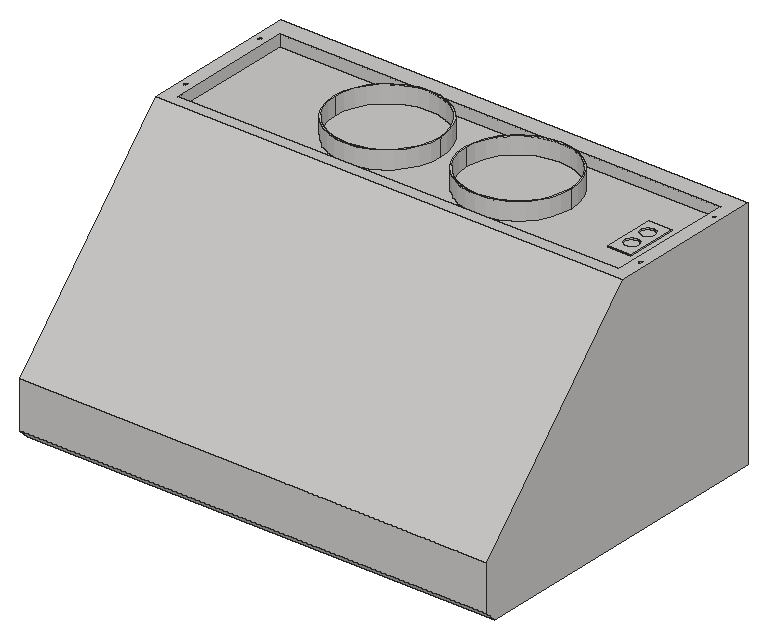
Revit family "FP_Revit_18_HCB36-12_N_Rangehood_90001235A", category Specialty Equipment, Revit 2018
Family settings
  Round Connector Dimension = Use Diameter
  Part Type = Normal
  OmniClass Number = 23.40.40.00
  OmniClass Title = Food Service Equipment and Furnishings
  Work Plane-Based = No
  Always vertical = Yes
  Cut with Voids When Loaded = Yes
  Shared = No
  Room Calculation Point = No
Parameters
  Visibility - Duct Transition [instance] = no
  Visibility - Duct Cover [instance] = no
  URL = "www.fisherpaykel.com"
  Product - Width = 911 mm  # constant formula
  Product - Height = 457 mm  # constant formula
  Product - Depth = 636 mm  # constant formula
  Model = "HCB36-12_N"
  Material - Glass = Fisher & Paykel - White Bezel
  Material - Buttons and Dials = Fisher & Paykel - Steel, Chrome Plated
  Material - Body = Fisher & Paykel - Stainless Steel
  Manufacturer = "Fisher & Paykel Appliances"
  FFL Offset [instance] = 1677 mm
  Duct Cover - Height 6"(152mm) or 12"(305mm) [instance] = 305 mm
  Description = "36\" Professional Rangehood"
  Connector Description - Extraction 2 = "10\" (254mm) Outside diameter of ducting outlet, 1200 CFM"
  Connector Description - Extraction 1 = "8\" (208mm) Outside diameter of ducting outlet, 1200 CFM"
  Connector Description - Electrical = "120 V, 60 Hz, 20 A, Branch circuit"
Reference planes
  plane 1 "Center (Front/Back)": y = 0
  plane 2: z = 0
  plane 3 "Center (Left/Right)": x = 0
  plane 4 "Product LHS": x = -455.5
  plane 5 "Product RHS": x = 455.5
  plane 6 "Product Front": y = -318
  plane 7 "Product Rear": y = 318
  plane 8 "FFL Offset": z = 1677
  plane 9 "Product - Height": z = 2134
  plane 10 "Mounting": x = -443
  plane 11 "Duct Cover": z = 2439
Forms (mm)
  Extrusion 1, solid, material "Fisher & Paykel - Stainless Steel" <- "Material - Body"
    sketch origin (0, 0, 0) x (0, 1, 0) y (0, 0, 1)
      loop
        line (318, 2134) -> (13.065, 2134)
        arc (13.065, 2134) -> (-159.503, 1966.595) -> (-318, 1785.811) r 2977.165
        line (-318, 1785.811) -> (-318, 1696.18) -> (-297.82, 1677) -> (318, 1677) -> (318, 2134)
    from -455.5 to 455.5
  Extrusion 2, solid, material "Fisher & Paykel - Stainless Steel" <- "Material - Body"
    sketch origin (0, 0, 0) x (1, 0, 0) y (0, 1, 0)
      loop
        circle (-127.5, 168) r 104
      loop
        circle (-127.5, 168) r 102
      loop
        circle (127.5, 168) r 104
      loop
        circle (127.5, 168) r 102
    from 2112 to 2146
  Extrusion 3, void
    sketch origin (0, 0, 82.261) x (1, 0, 0) y (0, 1, 0)
      loop
        circle (-443, 252) r 3
      loop
        circle (-443, 72) r 3
      loop
        circle (443, 252) r 3
      loop
        circle (443, 72) r 3
    from 2041.739 to 2051.739
  Extrusion 4, void
    sketch origin (0, 0, 0) x (1, 0, 0) y (0, 0, 1)
      loop
        line (227.78, 2027.773) -> (227.78, 2037.9)
        arc (227.78, 2037.9) -> (224.28, 2041.4) -> (220.78, 2037.9) r 3.5
        line (220.78, 2037.9) -> (220.78, 2027.773)
        arc (220.78, 2027.773) -> (224.28, 2016.89) -> (227.78, 2027.773) r 6.004
      loop
        circle (250, 1753) r 9
      loop
        arc (-227.78, 2027.773) -> (-224.28, 2016.89) -> (-220.78, 2027.773) r 6.004
        line (-220.78, 2027.773) -> (-220.78, 2037.9)
        arc (-220.78, 2037.9) -> (-224.28, 2041.4) -> (-227.78, 2037.9) r 3.5
        line (-227.78, 2037.9) -> (-227.78, 2027.773)
      loop
        circle (-250, 1753) r 9
    from -318 to -293
  Extrusion 5, void
    sketch origin (0, 0, 0) x (0, 1, 0) y (0, 0, 1)
      loop
        line (-278.628, 1677) -> (242.7, 1677) -> (224.841, 1726.067) -> (241.039, 1726.067) -> (249.59, 1749.559) -> (224.137, 1758.823) -> (224.137, 1859.689) -> (-52.991, 1859.689) -> (-61.542, 1836.197) -> (-38.362, 1827.76) -> (-149.156, 1728) -> (-278.628, 1677)
    from -416.5 to 416.5
  Extrusion 6, solid, material "Fisher & Paykel - Stainless Steel" <- "Material - Body"
    sketch origin (0, 0, 0) x (1, 0, 0) y (0, 0, 1)
      loop
        line (-416.5, 1677) -> (-380, 1728) -> (-380, 1827.76) -> (-416.5, 1827.76) -> (-416.5, 1677)
      loop
        line (416.5, 1677) -> (416.5, 1827.76) -> (380, 1827.76) -> (380, 1728) -> (416.5, 1677)
    from -242.7 to 278.628
  Extrusion 7, void
    sketch origin (0, 0, 0) x (1, 0, 0) y (0, 0, 1)
      loop
        line (429.8, 2070.8) -> (-429.8, 2070.8) -> (-429.8, 1768.5) -> (429.8, 1768.5) -> (429.8, 2070.8)
    from -318 to -298
  Extrusion 8, void
    sketch origin (0, 0, 0) x (1, 0, 0) y (0, 1, 0)
      loop
        line (-429.7, 283.5) -> (-429.7, 35.2) -> (429.7, 35.2) -> (429.7, 283.5) -> (-429.7, 283.5)
    from 2112 to 2134
  Extrusion 9, solid, material "Fisher & Paykel - Stainless Steel" <- "Material - Body"
    sketch origin (0, 0, 0) x (1, 0, 0) y (0, 1, 0)
      loop
        line (349.4, 209.7) -> (349.4, 109.7) -> (393.4, 109.7) -> (393.4, 209.7) -> (349.4, 209.7)
      loop
        circle (371.4, 179.7) r 13.89
      loop
        circle (371.4, 139.7) r 13.89
    from 2112 to 2113.8
  Revolve 10, solid, material "Fisher & Paykel - Steel, Chrome Plated" <- "Material - Buttons and Dials", detail levels medium+fine
    sketch origin (-175, 0, 0) x (0, 1, 0) y (0, 0, 1)
      loop
        line (-187.912, 1712.734) -> (-185.676, 1707.058) -> (-176.21, 1713.044) -> (-177.677, 1716.766) -> (-187.912, 1712.734)
      axis (-213.499, 1702.655) -> (-211.263, 1696.979)
    angle from 0 to 360
  Revolve 11, solid, material "Fisher & Paykel - Steel, Chrome Plated" <- "Material - Buttons and Dials", detail levels medium+fine
    sketch origin (175, 0, 0) x (0, 1, 0) y (0, 0, 1)
      loop
        line (-187.912, 1712.734) -> (-185.676, 1707.058) -> (-176.21, 1713.044) -> (-177.677, 1716.766) -> (-187.912, 1712.734)
      axis (-213.499, 1702.655) -> (-211.263, 1696.979)
    angle from 0 to 360
  Revolve 12, solid, material "Fisher & Paykel - White Bezel" <- "Material - Glass", detail levels fine
    sketch origin (-175, 0, 0) x (0, 1, 0) y (0, 0, 1)
      loop
        line (-213.499, 1702.655) -> (-211.263, 1696.979) -> (-185.676, 1707.058) -> (-187.912, 1712.734) -> (-213.499, 1702.655)
      axis (-213.499, 1702.655) -> (-211.263, 1696.979)
    angle from 0 to 360
  Revolve 13, solid, material "Fisher & Paykel - White Bezel" <- "Material - Glass", detail levels fine
    sketch origin (175, 0, 0) x (0, 1, 0) y (0, 0, 1)
      loop
        line (-213.499, 1702.655) -> (-211.263, 1696.979) -> (-185.676, 1707.058) -> (-187.912, 1712.734) -> (-213.499, 1702.655)
      axis (-213.499, 1702.655) -> (-211.263, 1696.979)
    angle from 0 to 360
  Revolve 14, solid, material "Fisher & Paykel - Steel, Chrome Plated" <- "Material - Buttons and Dials", detail levels medium+fine
    sketch origin (-2000, -44.72, 0) x (1, 0, 0) y (0, 0, 1)
      loop
        line (2397.702, 1703.266) -> (2384.853, 1694.071) -> (2396.493, 1677.807) -> (2406.089, 1684.674) -> (2407.078, 1683.292) -> (2410.509, 1681.935) -> (2412.135, 1683.099) -> (2397.702, 1703.266)
      axis (2397.702, 1703.266) -> (2384.853, 1694.071)
    angle from 0 to 360
  Revolve 15, solid, material "Fisher & Paykel - Steel, Chrome Plated" <- "Material - Buttons and Dials", detail levels medium+fine
    sketch origin (-2000, -124.719, 0) x (1, 0, 0) y (0, 0, 1)
      loop
        line (2397.702, 1703.266) -> (2384.853, 1694.071) -> (2396.493, 1677.807) -> (2406.089, 1684.674) -> (2407.078, 1683.292) -> (2410.509, 1681.935) -> (2412.135, 1683.099) -> (2397.702, 1703.266)
      axis (2397.702, 1703.266) -> (2384.853, 1694.071)
    angle from 0 to 360
  Extrusion 16, solid, material "Fisher & Paykel - Stainless Steel" <- "Material - Body", visible <- "Visibility - Duct Transition"
    sketch origin (0, 0, 0) x (0, 1, 0) y (0, 0, 1)
      loop
        line (70.503, 2112) -> (265.177, 2112) -> (296.34, 2228.3) -> (39.34, 2228.3) -> (70.503, 2112)
    from -275 to 275
  Extrusion 17, solid, material "Fisher & Paykel - Stainless Steel" <- "Material - Body", visible <- "Visibility - Duct Transition"
    sketch origin (0, 0, 0) x (1, 0, 0) y (0, 1, 0)
      loop
        circle (0, 167.84) r 124.7
      loop
        circle (0, 167.84) r 123.7
    from 2228.3 to 2261.3
  Extrusion 18, solid, material "Fisher & Paykel - Stainless Steel" <- "Material - Body", visible <- "Visibility - Duct Cover"
    sketch origin (0, 0, 0) x (1, 0, 0) y (0, 1, 0)
      loop
        line (-455.5, 318) -> (-455.5, 13.065) -> (455.5, 13.065) -> (455.5, 318) -> (429.7, 318) -> (429.7, 35.2) -> (-429.7, 35.2) -> (-429.7, 318) -> (-455.5, 318)
    from 2134 to 2439
  Extrusion 19, solid, material "Fisher & Paykel - Stainless Steel" <- "Material - Body", detail levels fine
    sketch origin (0, 0, 0) x (0, 1, 0) y (0, 0, 1)
      loop
        line (224.137, 1827.76) -> (-38.362, 1827.76) -> (241.039, 1726.067) -> (249.59, 1749.559) -> (224.137, 1758.823) -> (224.137, 1827.76)
    from -380 to -352
  Extrusion 20, solid, material "Fisher & Paykel - Stainless Steel" <- "Material - Body", detail levels fine
    sketch origin (0, 0, 0) x (0, 1, 0) y (0, 0, -1)
      loop
        line (224.137, -1827.76) -> (224.137, -1758.823) -> (249.59, -1749.559) -> (241.039, -1726.067) -> (-38.362, -1827.76) -> (224.137, -1827.76)
    from -380 to -352
Cuts and joins
  Extrusion 3, Extrusion 4, Extrusion 5, Extrusion 7, Extrusion 8 cuts Extrusion 1
  Extrusion 7 cuts Extrusion 6
  joined: Extrusion 1, Extrusion 6
Text (mm)
  text "Due to ongoing product development, product details are subject to change without notice. \nPlease always refer to www.fisherpaykel.com for the most current product information. \n© Fisher & Paykel 2020" at (41.04, -1225.549, 0), in view "Ref. Level (Plan)"
Dimensions and locks
  equal spacing: plane 4 "Product LHS", plane 3 "Center (Left/Right)", plane 5 "Product RHS"
  equal spacing: plane 7 "Product Rear", plane 1 "Center (Front/Back)", plane 6 "Product Front"
  "Product - Depth": plane 7 "Product Rear" to plane 6 "Product Front"
  "FFL Offset": plane 8 "FFL Offset" to level
  Extrusion 1 to Extrusion 2 sketch curve = 150 mm
  Extrusion 2 sketch curve to plane 3 "Center (Left/Right)" = 127.5 mm
  plane 9 "Product - Height" to Extrusion 2 = 12 mm
  Extrusion 1 to Extrusion 3 sketch curve = 66 mm
  Extrusion 1 to Extrusion 3 sketch curve = 246 mm
  locked: Extrusion 3 to plane 9 "Product - Height" at 10
  "Product - Height": plane 9 "Product - Height" to plane 8 "FFL Offset"
  locked: Extrusion 2 to plane 9 "Product - Height" at 12
  locked: cut or joined group of Extrusion 1, Extrusion 3, Extrusion 4, Extrusion 5, Extrusion 6, Extrusion 7, Extrusion 8 to plane 9 "Product - Height" at 22
  locked: plane 9 "Product - Height" to Extrusion 17 at 127.3
  locked: cut or joined group of Extrusion 1, Extrusion 3, Extrusion 4, Extrusion 5, Extrusion 6, Extrusion 7, Extrusion 8 to Extrusion 9 at 1.8
  locked: nested 2 to plane 8 "FFL Offset" at 55.223
  locked: Extrusion 16 to plane 9 "Product - Height" at 94.3
  "Product - Width": plane 4 "Product LHS" to plane 5 "Product RHS"
  locked: Extrusion 1 sketch curve to plane 8 "FFL Offset" at 108.811
  "Duct Cover - Height 6"(152mm) or 12"(305mm)": plane 9 "Product - Height" to plane 11 "Duct Cover"
  locked: nested 1 to plane 8 "FFL Offset" at 104.132
  aligned and locked: level to plane 2
  aligned and locked: plane 8 "FFL Offset" to Extrusion 1 sketch curve
  aligned and locked: Extrusion 1 to plane 5 "Product RHS"
  aligned and locked: plane 4 "Product LHS" to Extrusion 1
  aligned and locked: plane 7 "Product Rear" to Extrusion 1
  aligned and locked: Extrusion 1 to plane 6 "Product Front"
  aligned and locked: Extrusion 1 to plane 9 "Product - Height"
  aligned and locked: Extrusion 3 to plane 9 "Product - Height"
  aligned and locked: Extrusion 1 to Extrusion 4
  aligned and locked: Extrusion 8 to plane 9 "Product - Height"
  aligned and locked: plane 7 "Product Rear" to Extrusion 18 sketch curve
  aligned and locked: Extrusion 18 sketch curve to plane 7 "Product Rear"
  aligned and locked: Extrusion 18 sketch curve to cut or joined group of Extrusion 1, Extrusion 3, Extrusion 4, Extrusion 5, Extrusion 6, Extrusion 7, Extrusion 8  (x3)
  aligned and locked: plane 9 "Product - Height" to Extrusion 18
  aligned and locked: cut or joined group of Extrusion 1, Extrusion 3, Extrusion 4, Extrusion 5, Extrusion 6, Extrusion 7, Extrusion 8 to Extrusion 16
  aligned and locked: Extrusion 17 to Extrusion 16
  aligned and locked: cut or joined group of Extrusion 1, Extrusion 3, Extrusion 4, Extrusion 5, Extrusion 6, Extrusion 7, Extrusion 8 to Extrusion 9
  aligned and locked: cut or joined group of Extrusion 1, Extrusion 3, Extrusion 4, Extrusion 5, Extrusion 6, Extrusion 7, Extrusion 8 to Extrusion 2
  aligned and locked: plane 11 "Duct Cover" to Extrusion 18
Automatic sketch dimensions
  Extrusion 3 sketch curve to plane 10 "Mounting" = 0 mm  (x2)
  plane 5 "Product RHS" to Extrusion 3 sketch curve = 12.5 mm  (x2)
  Extrusion 3 sketch curve to plane 1 "Center (Front/Back)" = 72 mm
  Extrusion 3 sketch curve to plane 7 "Product Rear" = 66 mm
  plane 8 "FFL Offset" to Extrusion 4 sketch curve = 76 mm  (x2)
  plane 10 "Mounting" to Extrusion 4 sketch curve = 193 mm
  plane 9 "Product - Height" to Extrusion 4 sketch curve = 96.1 mm
  plane 10 "Mounting" to Extrusion 4 sketch curve = 215.22 mm
  Extrusion 4 sketch curve to Extrusion 4 sketch curve = 3.5 mm  (x4)
  plane 9 "Product - Height" to Extrusion 4 sketch curve = 106.227 mm
  plane 3 "Center (Left/Right)" to Extrusion 4 sketch curve = 220.78 mm
  plane 5 "Product RHS" to Extrusion 4 sketch curve = 205.5 mm
  Extrusion 4 sketch curve to Extrusion 4 sketch curve = 15.005 mm
  Extrusion 4 sketch curve to Extrusion 4 sketch curve = 4.879 mm  (x2)
  Extrusion 4 sketch curve to Extrusion 4 sketch curve = 10.127 mm
  Extrusion 5 sketch curve to plane 8 "FFL Offset" = 0 mm
  plane 6 "Product Front" to Extrusion 5 sketch curve = 39.372 mm
  plane 8 "FFL Offset" to Extrusion 5 sketch curve = 51 mm
  Extrusion 5 sketch curve to Extrusion 5 sketch curve = 129.471 mm
  plane 1 "Center (Front/Back)" to Extrusion 5 sketch curve = 61.542 mm
  Extrusion 5 sketch curve to Extrusion 5 sketch curve = 8.551 mm  (x2)
  Extrusion 5 sketch curve to Extrusion 5 sketch curve = 23.18 mm
  Extrusion 5 sketch curve to plane 7 "Product Rear" = 93.863 mm
  Extrusion 5 sketch curve to Extrusion 5 sketch curve = 0.704 mm
  Extrusion 5 sketch curve to Extrusion 5 sketch curve = 16.198 mm
  Extrusion 5 sketch curve to Extrusion 5 sketch curve = 1.661 mm
  plane 8 "FFL Offset" to Extrusion 5 sketch curve = 49.067 mm
  Extrusion 5 sketch curve to Extrusion 5 sketch curve = 23.492 mm
  Extrusion 5 sketch curve to Extrusion 5 sketch curve = 99.76 mm
  Extrusion 5 sketch curve to Extrusion 5 sketch curve = 8.437 mm
  Extrusion 6 sketch curve to plane 8 "FFL Offset" = 0 mm  (x2)
  plane 10 "Mounting" to Extrusion 6 sketch curve = 26.5 mm
  Extrusion 6 sketch curve to Extrusion 6 sketch curve = 36.5 mm
  plane 5 "Product RHS" to Extrusion 6 sketch curve = 75.5 mm
  plane 5 "Product RHS" to Extrusion 6 sketch curve = 39 mm
  plane 8 "FFL Offset" to Extrusion 6 sketch curve = 51 mm  (x2)
  Extrusion 6 sketch curve to Extrusion 6 sketch curve = 99.76 mm  (x2)
  plane 10 "Mounting" to Extrusion 7 sketch curve = 13.2 mm
  plane 5 "Product RHS" to Extrusion 7 sketch curve = 25.7 mm
  plane 8 "FFL Offset" to Extrusion 7 sketch curve = 91.5 mm
  plane 9 "Product - Height" to Extrusion 7 sketch curve = 63.2 mm
  plane 10 "Mounting" to Extrusion 8 sketch curve = 13.3 mm
  plane 5 "Product RHS" to Extrusion 8 sketch curve = 25.8 mm
  Extrusion 8 sketch curve to plane 1 "Center (Front/Back)" = 35.2 mm
  Extrusion 8 sketch curve to plane 7 "Product Rear" = 34.5 mm
  plane 5 "Product RHS" to Extrusion 9 sketch curve = 106.1 mm
  Extrusion 9 sketch curve to Extrusion 9 sketch curve = 22 mm  (x3)
  Extrusion 9 sketch curve to plane 1 "Center (Front/Back)" = 109.7 mm
  Extrusion 9 sketch curve to Extrusion 9 sketch curve = 30 mm
  Extrusion 9 sketch curve to Extrusion 9 sketch curve = 40 mm
  Extrusion 9 sketch curve to Extrusion 9 sketch curve = 29.999 mm
  plane 8 "FFL Offset" to Revolve 10 sketch curve = 35.734 mm
  plane 6 "Product Front" to Revolve 10 sketch curve = 130.088 mm
  plane 8 "FFL Offset" to Revolve 10 sketch curve = 30.058 mm
  Revolve 10 sketch curve to Revolve 10 sketch curve = 2.236 mm
  plane 8 "FFL Offset" to Revolve 10 sketch curve = 39.766 mm
  plane 8 "FFL Offset" to Revolve 10 sketch curve = 36.044 mm
  plane 8 "FFL Offset" to Revolve 10 sketch curve = 10.675 mm
  Revolve 10 sketch curve to Revolve 10 sketch curve = 21.922 mm
  plane 8 "FFL Offset" to Revolve 10 sketch curve = 19.979 mm
  Revolve 10 sketch curve to Revolve 10 sketch curve = 3.665 mm
  plane 8 "FFL Offset" to Revolve 11 sketch curve = 35.734 mm
  plane 6 "Product Front" to Revolve 11 sketch curve = 130.088 mm
  plane 8 "FFL Offset" to Revolve 11 sketch curve = 30.058 mm
  Revolve 11 sketch curve to Revolve 11 sketch curve = 2.236 mm
  plane 8 "FFL Offset" to Revolve 11 sketch curve = 39.766 mm
  plane 8 "FFL Offset" to Revolve 11 sketch curve = 36.044 mm
  plane 8 "FFL Offset" to Revolve 11 sketch curve = 10.675 mm
  Revolve 11 sketch curve to Revolve 11 sketch curve = 21.922 mm
  plane 8 "FFL Offset" to Revolve 11 sketch curve = 19.979 mm
  Revolve 11 sketch curve to Revolve 11 sketch curve = 3.665 mm
  plane 8 "FFL Offset" to Revolve 12 sketch curve = 25.655 mm
  plane 6 "Product Front" to Revolve 12 sketch curve = 104.501 mm
  plane 8 "FFL Offset" to Revolve 12 sketch curve = 19.979 mm  (x2)
  Revolve 12 sketch curve to Revolve 12 sketch curve = 2.236 mm
  plane 8 "FFL Offset" to Revolve 12 sketch curve = 35.734 mm
  Revolve 12 sketch curve to Revolve 12 sketch curve = 0 mm
  plane 8 "FFL Offset" to Revolve 12 sketch curve = 15.327 mm
  Revolve 12 sketch curve to Revolve 12 sketch curve = 1.833 mm
  plane 8 "FFL Offset" to Revolve 13 sketch curve = 25.655 mm
  plane 6 "Product Front" to Revolve 13 sketch curve = 104.501 mm
  plane 8 "FFL Offset" to Revolve 13 sketch curve = 19.979 mm  (x2)
  Revolve 13 sketch curve to Revolve 13 sketch curve = 2.236 mm
  plane 8 "FFL Offset" to Revolve 13 sketch curve = 35.734 mm
  Revolve 13 sketch curve to Revolve 13 sketch curve = 0 mm
  plane 8 "FFL Offset" to Revolve 13 sketch curve = 15.327 mm
  Revolve 13 sketch curve to Revolve 13 sketch curve = 1.833 mm
  plane 8 "FFL Offset" to Revolve 14 sketch curve = 17.071 mm  (x2)
  plane 5 "Product RHS" to Revolve 14 sketch curve = 70.647 mm
  plane 8 "FFL Offset" to Revolve 14 sketch curve = 0.807 mm
  Revolve 14 sketch curve to Revolve 14 sketch curve = 11.64 mm
  plane 8 "FFL Offset" to Revolve 14 sketch curve = 26.266 mm
  plane 8 "FFL Offset" to Revolve 14 sketch curve = 7.674 mm
  plane 8 "FFL Offset" to Revolve 14 sketch curve = 6.292 mm
  plane 8 "FFL Offset" to Revolve 14 sketch curve = 4.935 mm
  Revolve 14 sketch curve to Revolve 14 sketch curve = 3.431 mm
  plane 8 "FFL Offset" to Revolve 14 sketch curve = 14.161 mm
  Revolve 14 sketch curve to Revolve 14 sketch curve = 4.066 mm
  Revolve 14 sketch curve to Revolve 14 sketch curve = 0 mm
  plane 8 "FFL Offset" to Revolve 15 sketch curve = 17.071 mm  (x2)
  plane 5 "Product RHS" to Revolve 15 sketch curve = 70.647 mm
  plane 8 "FFL Offset" to Revolve 15 sketch curve = 0.807 mm
  Revolve 15 sketch curve to Revolve 15 sketch curve = 11.64 mm
  plane 8 "FFL Offset" to Revolve 15 sketch curve = 26.266 mm
  plane 8 "FFL Offset" to Revolve 15 sketch curve = 7.674 mm
  plane 8 "FFL Offset" to Revolve 15 sketch curve = 6.292 mm
  plane 8 "FFL Offset" to Revolve 15 sketch curve = 4.935 mm
  Revolve 15 sketch curve to Revolve 15 sketch curve = 3.431 mm
  plane 8 "FFL Offset" to Revolve 15 sketch curve = 14.161 mm
  Revolve 15 sketch curve to Revolve 15 sketch curve = 4.066 mm
  Revolve 15 sketch curve to Revolve 15 sketch curve = 0 mm
  Extrusion 16 sketch curve to plane 1 "Center (Front/Back)" = 39.34 mm
  plane 9 "Product - Height" to Extrusion 16 sketch curve = 22 mm
  Extrusion 16 sketch curve to plane 1 "Center (Front/Back)" = 70.503 mm
  Extrusion 16 sketch curve to plane 7 "Product Rear" = 52.823 mm
  Extrusion 16 sketch curve to plane 7 "Product Rear" = 21.66 mm
  Extrusion 16 sketch curve to plane 9 "Product - Height" = 94.3 mm
  Extrusion 17 sketch curve to Extrusion 17 sketch curve = 0 mm  (x2)
  Extrusion 17 sketch curve to plane 3 "Center (Left/Right)" = 0 mm
  Extrusion 17 sketch curve to plane 7 "Product Rear" = 150.16 mm
  Extrusion 18 sketch curve to plane 4 "Product LHS" = 0 mm
  Extrusion 18 sketch curve to plane 5 "Product RHS" = 0 mm
  plane 1 "Center (Front/Back)" to Extrusion 19 sketch curve = 38.362 mm
  Extrusion 19 sketch curve to plane 7 "Product Rear" = 93.863 mm
  Extrusion 19 sketch curve to Extrusion 19 sketch curve = 16.902 mm
  Extrusion 19 sketch curve to Extrusion 19 sketch curve = 8.551 mm
  plane 8 "FFL Offset" to Extrusion 19 sketch curve = 49.067 mm
  Extrusion 19 sketch curve to Extrusion 19 sketch curve = 23.492 mm
  plane 1 "Center (Front/Back)" to Extrusion 20 sketch curve = 38.362 mm
  Extrusion 20 sketch curve to plane 7 "Product Rear" = 93.863 mm
  Extrusion 20 sketch curve to Extrusion 20 sketch curve = 16.902 mm
  Extrusion 20 sketch curve to Extrusion 20 sketch curve = 8.551 mm
  plane 8 "FFL Offset" to Extrusion 20 sketch curve = 150.76 mm
  Extrusion 20 sketch curve to Extrusion 20 sketch curve = 68.937 mm
  Extrusion 2 sketch curve to Extrusion 2 sketch curve = 0 mm  (x4)
  plane 3 "Center (Left/Right)" to Extrusion 2 sketch curve = 127.5 mm
  Extrusion 2 sketch curve to plane 7 "Product Rear" = 150 mm
  plane 9 "Product - Height" to Extrusion 1 sketch curve = 0 mm
  Extrusion 1 sketch curve to plane 7 "Product Rear" = 0 mm
  plane 6 "Product Front" to Extrusion 1 sketch curve = 20.18 mm
  Extrusion 1 sketch curve to plane 1 "Center (Front/Back)" = 13.065 mm
  Extrusion 1 sketch curve to level = 84.855 mm
  plane 8 "FFL Offset" to Extrusion 1 sketch curve = 19.18 mm
  Extrusion 1 sketch curve to plane 6 "Product Front" = 0 mm
  Extrusion 18 sketch curve to plane 1 "Center (Front/Back)" = 13.065 mm
  radius of Extrusion 3 sketch curve = 3 mm  (x4)
  radius of Extrusion 4 sketch curve = 9 mm  (x2)
  radius of Extrusion 9 sketch curve = 13.89 mm  (x2)
  radius of Extrusion 17 sketch curve = 124.7 mm
  radius of Extrusion 17 sketch curve = 123.7 mm
  radius of Extrusion 2 sketch curve = 104 mm  (x2)
  radius of Extrusion 2 sketch curve = 102 mm  (x2)
Nested families
  nested 1: "F&P Filter Rangehood HCB" at (-176.575, 89.749, 1781.132), type "F&P Filter Rangehood HCB"
  nested 2: "F&P Filter Rangehood HCB" at (175.425, 89.749, 1781.132), type "F&P Filter Rangehood HCB"
Connectors
  electrical at (371.4, 139.7, 2112), driven by "Connector Description - Electrical"
    settings: on Extrusion 9, index 1, voltage 120 V, apparent load 0 VA, apparent load phase1 0 VA, apparent load phase2 0 VA, apparent load phase3 0 VA, power factor 1, load classification "Other", number of poles 1, system type 30, power factor state 1, is connector primary yes, connector utility no, sub classification motor no, connector description "120 V, 60 Hz, 20 A, Branch circuit"
  hvac at (-127.5, 168, 2146), driven by "Connector Description - Extraction 1"
    settings: on Extrusion 2, index 2, duct flow 0.0 L/s, flow factor 0, pres drop 0.0 Pa, loss coef 0, conn angle 0.00°, conn width 304.8 mm, conn height 304.8 mm, conn diameter 208 mm, duct sys type 4, conn prof type 0, flow config 0, flow direction 2, loss method 0, conn ref index -1, conn util no, is conn primary yes, conn desc "8\" (208mm) Outside diameter of ducting outlet, 1200 CFM"
  hvac at (-127.5, 168, 2146), driven by "Connector Description - Extraction 1"
    settings: on Extrusion 2, index 3, duct flow 0.0 L/s, flow factor 0, pres drop 0.0 Pa, loss coef 0, conn angle 0.00°, conn width 304.8 mm, conn height 304.8 mm, conn diameter 208 mm, duct sys type 4, conn prof type 0, flow config 0, flow direction 2, loss method 0, conn ref index -1, conn util no, is conn primary no, conn desc "8\" (208mm) Outside diameter of ducting outlet, 1200 CFM"
  hvac at (0, 167.84, 2261.3), driven by "Connector Description - Extraction 2", driven by "Visibility - Duct Transition"
    settings: on Extrusion 17, index 4, duct flow 0.0 L/s, flow factor 0, pres drop 0.0 Pa, loss coef 0, conn angle 0.00°, conn width 304.8 mm, conn height 304.8 mm, conn diameter 254 mm, duct sys type 4, conn prof type 0, flow config 0, flow direction 2, loss method 0, conn ref index -1, conn util no, is conn primary no, conn desc "10\" (254mm) Outside diameter of ducting outlet, 1200 CFM"
  hvac at (-127.5, 168, 2146), driven by "Connector Description - Extraction 1"
    settings: on Extrusion 2, index 5, duct flow 0.0 L/s, flow factor 0, pres drop 0.0 Pa, loss coef 0, conn angle 0.00°, conn width 304.8 mm, conn height 304.8 mm, conn diameter 208 mm, duct sys type 4, conn prof type 0, flow config 0, flow direction 2, loss method 0, conn ref index -1, conn util no, is conn primary no, conn desc "8\" (208mm) Outside diameter of ducting outlet, 1200 CFM"
  hvac at (127.5, 168, 2146), driven by "Connector Description - Extraction 1"
    settings: on Extrusion 2, index 6, duct flow 0.0 L/s, flow factor 0, pres drop 0.0 Pa, loss coef 0, conn angle 0.00°, conn width 304.8 mm, conn height 304.8 mm, conn diameter 208 mm, duct sys type 4, conn prof type 0, flow config 0, flow direction 2, loss method 0, conn ref index -1, conn util no, is conn primary no, conn desc "8\" (208mm) Outside diameter of ducting outlet, 1200 CFM"
Definition of nested family "F&P Filter Rangehood HCB"
  Parameters (values of type "F&P Filter Rangehood HCB")
    URL = "www.fisherpaykel.com"
    Material - Body = none
    Manufacturer = "Fisher & Paykel Appliances"
  Reference planes
    plane 1 "Center (Front/Back)": y = 0
    plane 2: z = 0
    plane 3 "Center (Left/Right)": x = 0
  Forms (mm)
    Extrusion 1, solid, material <- "Material - Body"
      sketch origin (0, 0, 0) x (1, 0, 0) y (0, -0.939693, 0.34202)
        loop
          line (-175.425, 161) -> (-175.425, -161) -> (176.575, -161) -> (176.575, 161) -> (-175.425, 161)
        loop
          line (158.575, -143) -> (158.575, 143) -> (-157.425, 143) -> (-157.425, -143) -> (158.575, -143)
      from -25 to 0
    Extrusion 2, solid, material <- "Material - Body", detail levels fine
      sketch origin (0, 0, 0) x (1, 0, 0) y (0, 0.34202, 0.939693)
        loop
          line (-142.575, 8.66) -> (-137.575, 0) -> (-112.425, 0) -> (-107.425, 8.66) -> (-109.931, 23.4) -> (-140.069, 23.4) -> (-142.575, 8.66)
        loop
          line (-92.575, 8.66) -> (-87.575, 0) -> (-62.425, 0) -> (-57.425, 8.66) -> (-59.931, 23.4) -> (-90.069, 23.4) -> (-92.575, 8.66)
        loop
          line (-42.575, 8.66) -> (-37.575, 0) -> (-12.425, 0) -> (-7.425, 8.66) -> (-9.931, 23.4) -> (-40.069, 23.4) -> (-42.575, 8.66)
        loop
          line (142.575, 8.66) -> (140.069, 23.4) -> (109.931, 23.4) -> (107.425, 8.66) -> (112.425, 0) -> (137.575, 0) -> (142.575, 8.66)
        loop
          line (92.575, 8.66) -> (90.069, 23.4) -> (59.931, 23.4) -> (57.425, 8.66) -> (62.425, 0) -> (87.575, 0) -> (92.575, 8.66)
        loop
          line (42.575, 8.66) -> (40.069, 23.4) -> (9.931, 23.4) -> (7.425, 8.66) -> (12.425, 0) -> (37.575, 0) -> (42.575, 8.66)
      from -143 to 143
    Extrusion 3, solid, material <- "Material - Body"
      sketch origin (0, 0, 0) x (1, 0, 0) y (0, 0.34202, 0.939693)
        loop
          line (-157.425, 25) -> (-157.425, 23.4) -> (158.575, 23.4) -> (158.575, 25) -> (-157.425, 25)
      from -143 to 143
    Extrusion 4, solid, material <- "Material - Body", detail levels fine
      sketch origin (0, 0, 0) x (1, 0, 0) y (0, -0.939693, 0.34202)
        loop
          circle (-166.425, 0) r 6
        loop
          circle (166.425, 0) r 6
      from 0 to 18.5
    Extrusion 5, solid, material <- "Material - Body", detail levels coarse+medium
      sketch origin (0, 0, 0) x (1, 0, 0) y (0, 0.34202, 0.939693)
        loop
          line (-142.575, 23.4) -> (-142.575, 0) -> (-107.425, 0) -> (-107.425, 23.4) -> (-142.575, 23.4)
        loop
          line (-92.575, 23.4) -> (-92.575, 0) -> (-57.425, 0) -> (-57.425, 23.4) -> (-92.575, 23.4)
        loop
          line (-42.575, 23.4) -> (-42.575, 0) -> (-7.425, 0) -> (-7.425, 23.4) -> (-42.575, 23.4)
        loop
          line (142.575, 23.4) -> (107.425, 23.4) -> (107.425, 0) -> (142.575, 0) -> (142.575, 23.4)
        loop
          line (92.575, 23.4) -> (57.425, 23.4) -> (57.425, 0) -> (92.575, 0) -> (92.575, 23.4)
        loop
          line (42.575, 23.4) -> (7.425, 23.4) -> (7.425, 0) -> (42.575, 0) -> (42.575, 23.4)
      from -143 to 143
  Cuts and joins
    joined: Extrusion 1, Extrusion 3
  Dimensions and locks
    aligned and locked: level to plane 2
